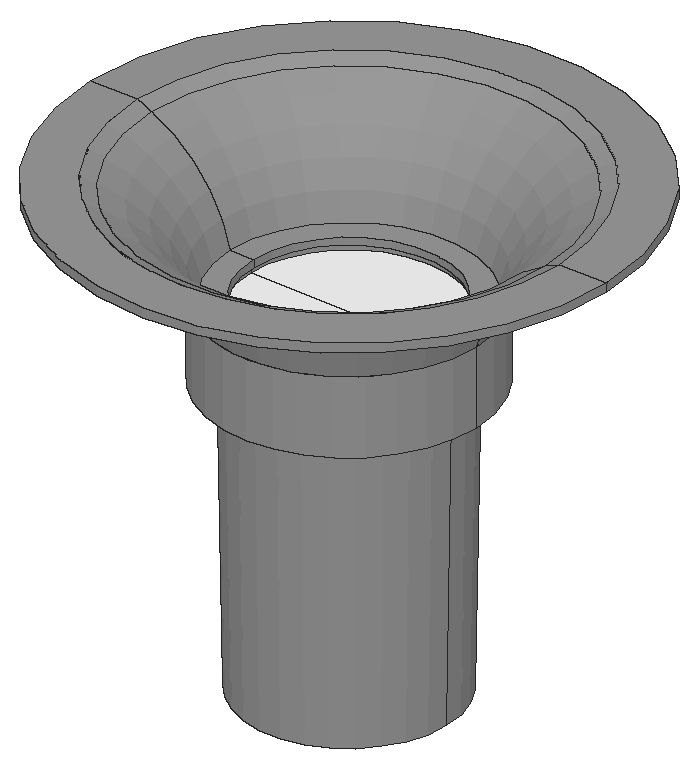
Revit family "0005313", category Lighting Fixtures, host Face, Revit 2017
Family settings
  Host = Face
  Round Connector Dimension = Use Diameter
  Part Type = Normal
  OmniClass Number = 23.80.70.00
  OmniClass Title = Lighting
  Cut with Voids When Loaded = No
  Light Source = No
  Shared = No
  Room Calculation Point = No
Parameters (values of type "0005313+0005306 Ludospot 50 Hous Rnd Dec 110 Fix IP44 WHT + Ludospot 50 940lm 940 WB DIM")
  Weight = "n/a"
  Wattage Comments = ""
  WarrantyStartDate [instance] = "n/a"
  WarrantyGuarantorParts = "n/a"
  WarrantyDurationUnit = "n/a"
  WarrantyDurationParts = "n/a"
  WarrantyDescription = "n/a"
  WallThickness_SYL = 2 mm
  Voltage = 0 V
  VerticalRotationMid_SYL [instance] = 112.00°
  URL = "http://www.sylvania-lighting.com"
  TypeName = "Ludospot 50 Hous Rnd 90 Fixed IP44 WHT + Ludospot 50 940lm 940 WB DIM"
  TypeLamp_SYL = Ludospot 50 Modules : 0005306 Ludospot 50 940lm 940 WB DIM
  Type Image = <None>
  Type Comments = "n/a"
  TrimWidth_SYL = 55 mm
  TrimHeight_SYL = 1.8 mm
  SerialNumber [instance] = "n/a"
  RecessWidth_SYL = 45 mm
  RecessDepth_SYL = 100 mm
  RadiusReflector_SYL = 30.046 mm
  Material_3_SYL = none
  PowerFactor = 0.9
  PowerConsumption = "12 W"
  NominalLength = 110 mm
  NominalHeight = 0 mm
  NominalDepth = 110 mm
  Name = "Ludospot 50 Hous Rnd 90 Fixed IP44 WHT + Ludospot 50 940lm 940 WB DIM"
  ModelReference = Name  # "Ludospot 50 Hous Rnd 90 Fixed IP44 WHT + Ludospot 50 940lm 940 WB DIM"
  ModelNumber = "0005313+0005306"
  Model = Name  # "Ludospot 50 Hous Rnd 90 Fixed IP44 WHT + Ludospot 50 940lm 940 WB DIM"
  Material = "aluminium housing"
  ManufacturerName = "Feilo Sylvania"
  Manufacturer = "Feilo Sylvania"
  LuminousEfficacy = "78 lm/W"
  LuminaireType = ""
  LightOutputRatio = "n/a"
  LampsType = Lamp  # "LED"
  LampNominalLuminous = "940 lm"
  LampMacAdamStep = "3"
  LampColourTemperature = "4000 K"
  LampColourRenderingIndex = "90"
  Lamp = "LED"
  Keynote = "16500"
  InstallationDate [instance] = "n/a"
  InputVoltage = "220-240 V AC"
  InputNominalFrequency = "50/60 HZ"
  IngressProtection = "IP44/20"
  ImpactProtectionIndex = "IK03"
  IfcExportType = "IfcLightFixtureType"
  IfcExportAs = "IfcLightFixtureType"
  HorizontalRotationMid_SYL [instance] = 315.00°
  HoleDist_SYL = 220 mm
  EndAngleMid_SYL [instance] = HorizontalRotationMid_SYL + 180.00°  # 495.00°
  ElectricShockClassification = "Class II"
  DocumentationLiterature = "http://www.sylvania-lighting.com/product/en-int/products/0005313"
  DimmingControlOptions = "Mains: leading / trailing edge"
  Material_2_SYL = none
  Description = ""
  Default Elevation = 1219.2 mm
  CreatedOn = "7/29/2019"
  CreatedBy = "@sylvania-lighting.com"
  Cost = 0
  built-in parameter 1114216 [instance] = (empty or 0)
  ClassificationValue = "EF_70_80"
  ClassificationName = "Uniclass2015"
  Material_1_SYL = PC/ABS Plastic
  CircularCutOutDia_SYL = 38.5 mm
  BarCode [instance] = "n/a"
  AssetType = "Fixed"
  AssetIdentifier [instance] = "n/a"
  Assembly Code = "D5020200"
  Apparent Load = 0 VA
  Material_4_SYL = none
Types (6, lengths in mm): name | TypeName | TypeLamp_SYL | Name | ModelReference | ModelNumber | Model | LuminousEfficacy | LampNominalLuminous | LampColourTemperature
  0005313+0005306 Ludospot 50 Hous Rnd Dec 110 Fix IP44 WHT + Ludospot 50 940lm 940 WB DIM | "Ludospot 50 Hous Rnd 90 Fixed IP44 WHT + Ludospot 50 940lm 940 WB DIM" | Ludospot 50 Modules : 0005306 Ludospot 50 940lm 940 WB DIM | "Ludospot 50 Hous Rnd 90 Fixed IP44 WHT + Ludospot 50 940lm 940 WB DIM" | "Ludospot 50 Hous Rnd 90 Fixed IP44 WHT + Ludospot 50 940lm 940 WB DIM" | "0005313+0005306" | "Ludospot 50 Hous Rnd 90 Fixed IP44 WHT + Ludospot 50 940lm 940 WB DIM" | "78 lm/W" | "940 lm" | "4000 K"
  0005313+0005305 Ludospot 50 Hous Rnd Dec 110 Fix IP44 WHT + Ludospot 50 920lm 930 WB DIM | "Ludospot 50 Hous Rnd 90 Fixed IP44 WHT + Ludospot 50 920lm 930 WB DIM" | Ludospot 50 Modules : 0005305 Ludospot 50 920lm 940 WB DIM | "Ludospot 50 Hous Rnd 90 Fixed IP44 WHT + Ludospot 50 920lm 930 WB DIM" | "Ludospot 50 Hous Rnd 90 Fixed IP44 WHT + Ludospot 50 920lm 930 WB DIM" | "0005313+0005305" | "Ludospot 50 Hous Rnd 90 Fixed IP44 WHT + Ludospot 50 920lm 930 WB DIM" | "77 lm/W" | "920 lm" | "3000 K"
  0005313+0005304 Ludospot 50 Hous Rnd Dec 110 Fix IP44 WHT + Ludospot 50 1000lm 940 MB DIM | "Ludospot 50 Hous Rnd 90 Fixed IP44 WHT + Ludospot 50 1000lm 940 MB DIM" | Ludospot 50 Modules : 0005304 Ludospot 50 1000lm 940 MB DIM | "Ludospot 50 Hous Rnd 90 Fixed IP44 WHT + Ludospot 50 1000lm 940 MB DIM" | "Ludospot 50 Hous Rnd 90 Fixed IP44 WHT + Ludospot 50 1000lm 940 MB DIM" | "0005313+0005304" | "Ludospot 50 Hous Rnd 90 Fixed IP44 WHT + Ludospot 50 1000lm 940 MB DIM" | "83 lm/W" | "950 lm" | "4000 K"
  0005313+0005303 Ludospot 50 Hous Rnd Dec 110 Fix IP44 WHT + Ludospot 50 950lm 930 MB DIM | "Ludospot 50 Hous Rnd 90 Fixed IP44 WHT + Ludospot 50 950lm 930 MB DIM" | Ludospot 50 Modules : 0005303 Ludospot 50 950lm 930 MB DIM | "Ludospot 50 Hous Rnd 90 Fixed IP44 WHT + Ludospot 50 950lm 930 MB DIM" | "Ludospot 50 Hous Rnd 90 Fixed IP44 WHT + Ludospot 50 950lm 930 MB DIM" | "0005313+0005303" | "Ludospot 50 Hous Rnd 90 Fixed IP44 WHT + Ludospot 50 950lm 930 MB DIM" | "80 lm/W" | "1000 lm" | "3000 K"
  0005313+0005302 Ludospot 50 Hous Rnd Dec 110 Fix IP44 WHT + Ludospot 50 990lm 940 NB DIM | "Ludospot 50 Hous Rnd 90 Fixed IP44 WHT + Ludospot 50 990lm 940 NB DIM" | Ludospot 50 Modules : 0005302 Ludospot 50 990lm 930 NB DIM | "Ludospot 50 Hous Rnd 90 Fixed IP44 WHT + Ludospot 50 990lm 940 NB DIM" | "Ludospot 50 Hous Rnd 90 Fixed IP44 WHT + Ludospot 50 990lm 940 NB DIM" | "0005313+0005302" | "Ludospot 50 Hous Rnd 90 Fixed IP44 WHT + Ludospot 50 990lm 940 NB DIM" | "83 lm/W" | "990 lm" | "4000 K"
  0005313+0005301 Ludospot 50 Hous Rnd Dec 110 Fix IP44 WHT + Ludospot 50 950lm 930 NB DIM | "Ludospot 50 Hous Rnd 90 Fixed IP44 WHT + Ludospot 50 950lm 930 NB DIM" | Ludospot 50 Modules : 0005301 Ludospot 50 950lm 930 NB DIM | "Ludospot 50 Hous Rnd 90 Fixed IP44 WHT + Ludospot 50 950lm 930 NB DIM" | "Ludospot 50 Hous Rnd 90 Fixed IP44 WHT + Ludospot 50 950lm 930 NB DIM" | "0005313+0005301" | "Ludospot 50 Hous Rnd 90 Fixed IP44 WHT + Ludospot 50 950lm 930 NB DIM" | "80 lm/W" | "950 lm" | "3000 K"
Reference planes
  plane 1 "Center (Front/Back)": y = 0
  plane 2: z = 0
  plane 3 "Center (Left/Right)": x = 0
  plane 4: z = -100
  plane 5: x = -55
  plane 6: z = 1.8
  plane 7: x = -45
  plane 8: z = 0.4
  plane 9: x = -42
  plane 10: z = -20.2
  plane 11: x = -25.4
  plane 12: x = -20.3
  plane 13: z = -21.7
  plane 14: z = -35.7
Forms (mm)
  Extrusion 1, void
    sketch origin (0, 0, 0) x (1, 0, 0) y (0, 1, 0)
      loop
        circle (0, 0) r 45
    from 0 to -100
  Revolve 2, solid, material "PC/ABS Plastic" <- "Material_1_SYL"
    sketch origin (0, 0, 0) x (1, 0, 0) y (0, 0, 1)
      loop
        line (-55, 1.8) -> (-55, 0) -> (-45, 0) -> (-40.977, -2.212)
        arc (-40.977, -2.212) -> (-32.198, -9.758) -> (-27.2, -20.2) r 28.135
        line (-27.2, -20.2) -> (-27.2, -35.7) -> (-25.4, -35.7) -> (-25.4, -21.7) -> (-20.3, -21.7) -> (-20.3, -20.2) -> (-25.4, -20.2)
        arc (-25.4, -20.2) -> (-31.311, -7.975) -> (-42, 0.4) r 30.046
        line (-42, 0.4) -> (-45, 1.8) -> (-55, 1.8)
      axis (0, 1.8) -> (0, -35.7)
    angle from 360 to 0
Lines and regions (mm)
  reference lines
    curve 1: circle (0, 0, 0) r 45 normal (0, 0, -1)
Dimensions and locks
  "RecessDepth_SYL": plane 2 to plane 4
  equal spacing: host sketch curve, plane 1 "Center (Front/Back)", host sketch curve
  equal spacing: host sketch curve, plane 3 "Center (Left/Right)", host sketch curve
  "TrimHeight_SYL": plane 6 to plane 2
  "TrimWidth_SYL": plane 3 "Center (Left/Right)" to plane 5
  locked: plane 3 "Center (Left/Right)" to plane 7 at 45
  locked: plane 6 to plane 8 at 1.4
  locked: plane 3 "Center (Left/Right)" to plane 9 at 42
  locked: plane 6 to plane 10 at 22
  locked: plane 3 "Center (Left/Right)" to plane 11 at 25.4
  locked: plane 3 "Center (Left/Right)" to plane 12 at 20.3
  locked: plane 10 to plane 13 at 1.5
  locked: plane 6 to plane 14 at 37.5
  "RecessWidth_SYL": radius of curve 1
  "RadiusReflector_SYL": radius of Revolve 2 sketch curve
  aligned and locked: plane 2 to host face
  aligned and locked: level to host face
  aligned and locked: level to Extrusion 1
  aligned and locked: plane 4 to Extrusion 1
  aligned and locked: plane 2 to Extrusion 1
  aligned and locked: plane 3 "Center (Left/Right)" to curve 1
  aligned and locked: plane 1 "Center (Front/Back)" to curve 1
  aligned and locked: Extrusion 1 sketch curve to curve 1
  aligned and locked: Revolve 2 sketch curve to plane 3 "Center (Left/Right)"
  aligned and locked: plane 5 to Revolve 2 sketch curve
  aligned and locked: plane 6 to Revolve 2 sketch curve
  aligned and locked: plane 8 to Revolve 2 sketch curve
  aligned and locked: plane 11 to Revolve 2 sketch curve
  aligned and locked: Revolve 2 sketch curve to plane 11
  aligned and locked: plane 10 to Revolve 2 sketch curve  (x2)
  aligned and locked: Revolve 2 sketch curve to level
  aligned and locked: plane 12 to Revolve 2 sketch curve
  aligned and locked: Revolve 2 sketch curve to plane 13
  aligned and locked: plane 14 to Revolve 2 sketch curve
  aligned and locked: nested 1 to plane 3 "Center (Left/Right)"
  aligned and locked: nested 1 to plane 1 "Center (Front/Back)"
Automatic sketch dimensions
  Revolve 2 sketch curve to plane 7 = 0 mm  (x2)
  Revolve 2 sketch curve to Revolve 2 sketch curve = 0.172 mm
  plane 9 to Revolve 2 sketch curve = 1.023 mm
  Revolve 2 sketch curve to plane 11 = 1.8 mm
  plane 4 to Revolve 2 sketch curve = 509.6 mm
  Revolve 2 sketch curve to plane 6 = 2607.258 mm
Nested families
  nested 1: "Ludospot 50 Modules" at (0, 0, -21.7) x (-1, 0, 0) z (0, 0, 1), type <- "TypeLamp_SYL", type "0005306 Ludospot 50 940lm 940 WB DIM"
    with WarrantyStartDate "n/a", SerialNumber "n/a", InstallationDate "n/a", built-in parameter 1114216 (empty or 0), BarCode "n/a", AssetIdentifier "n/a"
Definition of nested family "Ludospot 50 Modules"
  Parameters (values of type "0005305 Ludospot 50 920lm 940 WB DIM")
    Weight = ""
    Wattage Comments = ""
    Wattage = 12 W
    WarrantyStartDate [instance] = "n/a"
    WarrantyGuarantorParts = "n/a"
    WarrantyDurationUnit = "n/a"
    WarrantyDurationParts = "n/a"
    WarrantyDescription = "n/a"
    built-in parameter 1150110 = 1 (stored number, unit not read)
    Voltage = 220 V
    URL = "http://www.sylvania-lighting.com"
    TypeName = "Ludospot 50 920lm 940 WB DIM"
    Type Image = (empty or 0)
    Type Comments = "n/a"
    built-in parameter 1114217 = 1 (stored number, unit not read)
    Tilt Angle = -90.00°
    built-in parameter 1150109 = 1 (stored number, unit not read)
    built-in parameter 1150134 = (empty or 0)
    built-in parameter 1150113 = 1 (stored number, unit not read)
    SerialNumber [instance] = "n/a"
    Photometric Web File = "0005305.ies"
    Material_3_SYL = none
    PowerFactor = 0.9
    PowerConsumption = "12 W"
    NominalLength = 50 mm
    NominalHeight = 73 mm
    NominalDepth = 50 mm
    Name = "0005305 Ludospot 50 920lm 940 WB DIM"
    ModelReference = Name  # "0005305 Ludospot 50 920lm 940 WB DIM"
    ModelNumber = "0005305"
    Model = Name  # "0005305 Ludospot 50 920lm 940 WB DIM"
    Material = "aluminium housing"
    ManufacturerName = "Feilo Sylvania"
    Manufacturer = "Feilo Sylvania"
    LuminousEfficacy = "77 lm/W"
    built-in parameter 1150105 = 73.53 (stored number, unit not read)
    Lumens = 924 lm
    LuminaireType = ""
    built-in parameter 1150115 = 1 (stored number, unit not read)
    LightOutputRatio = ""
    built-in parameter 1150137 = (empty or 0)
    built-in parameter 1150139 = (empty or 0)
    LampsType = Lamp  # "LED"
    LampNominalLuminous = "920 lm"
    LampMacAdamStep = "3"
    LampColourTemperature = "3000 K"
    LampColourRenderingIndex = "90"
    built-in parameter 1150112 = 1 (stored number, unit not read)
    built-in parameter 1150114 = 1 (stored number, unit not read)
    Lamp = "LED"
    Keynote = "16500"
    InstallationDate [instance] = "n/a"
    InputVoltage = "220-240 V AC"
    InputNominalFrequency = "50/60 HZ"
    built-in parameter 1150132 = (empty or 0)
    built-in parameter 1150102 = (empty or 0)
    built-in parameter 1150107 = 3000 (stored number, unit not read)
    built-in parameter 1150138 = (empty or 0)
    IngressProtection = "IP44/20"
    ImpactProtectionIndex = "IK07"
    built-in parameter 1150106 = 0.7353 (stored number, unit not read)
    IfcExportType = "IfcLightFixtureType"
    IfcExportAs = "IfcLightFixtureType"
    Emit from Circle Diameter = 40 mm
    Emit Shape Visible in Rendering = no
    ElectricShockClassification = "Class II"
    built-in parameter 1150104 = 7.1535 (stored number, unit not read)
    DocumentationLiterature = "https://www.sylvania-lighting.com/product/en-int/products/0005305/"
    DimmingControlOptions = "Mains: leading / trailing edge"
    Material_2_SYL = none
    Dimming Lamp Color Temperature Shift = (empty or 0)
    Description = ""
    Default Elevation = 1219.2 mm
    CreatedOn = ""
    CreatedBy = ""
    Cost = 0
    Color Filter = 16777215
    built-in parameter 1114216 [instance] = (empty or 0)
    ClassificationValue = "EF_70_80"
    ClassificationName = "Uniclass2015"
    Material_1_SYL = none
    BarCode [instance] = "n/a"
    built-in parameter 1114218 = 1 (stored number, unit not read)
    built-in parameter 1150133 = 10 (stored number, unit not read)
    AssetType = ""
    AssetIdentifier [instance] = "n/a"
    Assembly Code = "D5020200"
    Apparent Load = 12 VA
    Material_4_SYL = none
  Types (6, lengths in mm): name | TypeName | built-in parameter 1150134 | Photometric Web File | Name | ModelReference | ModelNumber | Model | LuminousEfficacy | built-in parameter 1150105 | Lumens | LampNominalLuminous | LampColourTemperature | built-in parameter 1150107 | ImpactProtectionIndex | built-in parameter 1150106 | built-in parameter 1150104 | DocumentationLiterature
    0005305 Ludospot 50 920lm 940 WB DIM | "Ludospot 50 920lm 940 WB DIM" | (empty or 0) | "0005305.ies" | "0005305 Ludospot 50 920lm 940 WB DIM" | "0005305 Ludospot 50 920lm 940 WB DIM" | "0005305" | "0005305 Ludospot 50 920lm 940 WB DIM" | "77 lm/W" | 73.53 (stored number, unit not read) | 924 lm | "920 lm" | "3000 K" | 3000 (stored number, unit not read) | "IK07" | 0.7353 (stored number, unit not read) | 7.1535 (stored number, unit not read) | "https://www.sylvania-lighting.com/product/en-int/products/0005305/"
    0005304 Ludospot 50 1000lm 940 MB DIM | "Ludospot 50 1000lm 940 MB DIM" | 12 | "0005304.ies" | "0005304 Ludospot 50 1000lm 940 MB DIM" | "0005304 Ludospot 50 1000lm 940 MB DIM" | "0005304" | "0005304 Ludospot 50 1000lm 940 MB DIM" | "83 lm/W" | 79.259 (stored number, unit not read) | 996 lm | "950 lm" | "4000 K" | 4000 (stored number, unit not read) | "IK06" | 0.79259 (stored number, unit not read) | 7.711 (stored number, unit not read) | "https://www.sylvania-lighting.com/product/en-int/products/0005304/"
    0005303 Ludospot 50 950lm 930 MB DIM | "Ludospot 50 950lm 930 MB DIM" | (empty or 0) | "0005303.ies" | "0005303 Ludospot 50 950lm 930 MB DIM" | "0005303 Ludospot 50 950lm 930 MB DIM" | "0005303" | "0005303 Ludospot 50 950lm 930 MB DIM" | "80 lm/W" | 76.394 (stored number, unit not read) | 960 lm | "1000 lm" | "3000 K" | 3000 (stored number, unit not read) | "IK05" | 0.76394 (stored number, unit not read) | 7.4322 (stored number, unit not read) | "https://www.sylvania-lighting.com/product/en-int/products/0005303/"
    0005302 Ludospot 50 990lm 930 NB DIM | "Ludospot 50 990lm 930 NB DIM" | 12 | "0005302.ies" | "0005302 Ludospot 50 990lm 930 NB DIM" | "0005302 Ludospot 50 990lm 930 NB DIM" | "0005302" | "0005302 Ludospot 50 990lm 930 NB DIM" | "83 lm/W" | 79.259 (stored number, unit not read) | 996 lm | "990 lm" | "4000 K" | 4000 (stored number, unit not read) | "IK04" | 0.79259 (stored number, unit not read) | 7.711 (stored number, unit not read) | "https://www.sylvania-lighting.com/product/en-int/products/0005302/"
    0005301 Ludospot 50 950lm 930 NB DIM | "Ludospot 50 950lm 930 NB DIM" | (empty or 0) | "0005301.ies" | "0005301 Ludospot 50 950lm 930 NB DIM" | "0005301 Ludospot 50 950lm 930 NB DIM" | "0005301" | "0005301 Ludospot 50 950lm 930 NB DIM" | "80 lm/W" | 76.394 (stored number, unit not read) | 960 lm | "950 lm" | "3000 K" | 3000 (stored number, unit not read) | "IK03" | 0.76394 (stored number, unit not read) | 7.4322 (stored number, unit not read) | "https://www.sylvania-lighting.com/product/en-int/products/0005301/"
    0005306 Ludospot 50 940lm 940 WB DIM | "Ludospot 50 940lm 940 WB DIM" | 12 | "0005306.ies" | "0005306 Ludospot 50 940lm 940 WB DIM" | "0005306 Ludospot 50 940lm 940 WB DIM" | "0005306" | "0005306 Ludospot 50 940lm 940 WB DIM" | "78 lm/W" | 74.485 (stored number, unit not read) | 936 lm | "940 lm" | "4000 K" | 4000 (stored number, unit not read) | "IK08" | 0.74485 (stored number, unit not read) | 7.2464 (stored number, unit not read) | "https://www.sylvania-lighting.com/product/en-int/products/0005306/"
  Reference planes
    plane 1 "Center (Front/Back)": y = 0
    plane 2: z = 0
    plane 3 "Center (Left/Right)": x = 0
    plane 4: x = -25
    plane 5: z = -2.7
    plane 6: x = -23.6
    plane 7: z = -3.7
    plane 8: z = -12.7
    plane 9: z = -25.7
    plane 10: x = -22
    plane 11: z = -73
    plane 12: x = -21
    plane 13: z = -1.3
  Forms (mm)
    Extrusion 1, solid
      sketch origin (4.2, 0, 0) x (1, 0, 0) y (0, 1, 0)
        loop
          line (-1219.2, 1219.2) -> (-1219.2, -1219.2) -> (1219.2, -1219.2) -> (1219.2, 1219.2) -> (-1219.2, 1219.2)
      from 0 to -68.017
    Revolve 2, solid, material <- "Material_1_SYL"
      sketch origin (0, 0, 0) x (1, 0, 0) y (0, 0, 1)
        loop
          line (-25, 0) -> (-25, -2.7) -> (-23.6, -2.7) -> (-23.6, -3.7) -> (-22, -12.7) -> (-21, -73) -> (0, -73) -> (0, -1.3) -> (-21, -1.3) -> (-21, 0) -> (-25, 0)
        axis (0, 0) -> (0, -73)
      angle from 360 to 0
  Dimensions and locks
    locked: plane 3 "Center (Left/Right)" to plane 4 at 25
    locked: plane 3 "Center (Left/Right)" to plane 6 at 23.6
    locked: plane 7 to plane 8 at 9
    locked: plane 3 "Center (Left/Right)" to plane 10 at 22
    locked: plane 2 to plane 11 at 73
    locked: plane 3 "Center (Left/Right)" to plane 12 at 21
    plane 2 to plane 13 to plane 5 to plane 7 = 1.3 mm locked, 1.4 mm locked, 1 mm locked
    aligned and locked: plane 2 to Extrusion 1
    aligned and locked: level to Extrusion 1
    aligned and locked: Revolve 2 sketch curve to plane 4
    aligned and locked: plane 5 to Revolve 2 sketch curve
    aligned and locked: Revolve 2 sketch curve to plane 6
    aligned and locked: plane 8 to Revolve 2 sketch curve
    aligned and locked: plane 12 to Revolve 2 sketch curve  (x2)
    aligned and locked: plane 11 to Revolve 2 sketch curve
    aligned and locked: plane 3 "Center (Left/Right)" to Revolve 2 sketch curve
    aligned and locked: Revolve 2 sketch curve to level
    aligned and locked: plane 13 to Revolve 2 sketch curve  (x2)
    aligned and locked: Revolve 2 sketch curve to plane 12
    aligned and locked: level to imposter light
    aligned and locked: plane 3 "Center (Left/Right)" to imposter light
    aligned and locked: imposter light to plane 1 "Center (Front/Back)"
  Connectors
    electrical at (0, 0, -73), driven by "PowerFactor", driven by "Voltage", driven by "Apparent Load"
      settings: on Revolve 2, index 1, voltage 220 V, apparent load 12 VA, apparent load phase1 0 VA, apparent load phase2 0 VA, apparent load phase3 0 VA, power factor 0.9, load classification none, number of poles 1, system type 30, power factor state 1, is connector primary yes, connector utility no, sub classification motor no, connector description ""
